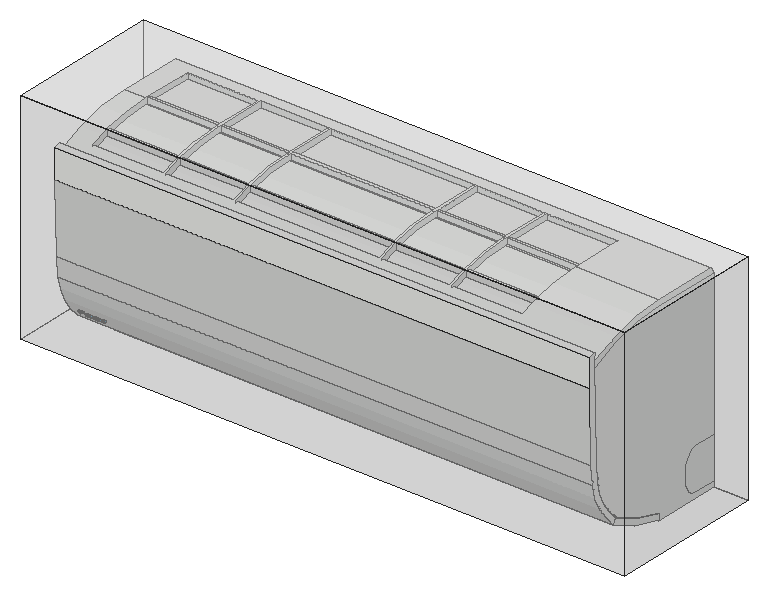
Revit family "outputfile", category 機械設備, Revit 2024
Family settings
  丸型コネクタ寸法 = 半径を使用
  パーツ タイプ = 標準
  OmniClass 番号 = 23.75.10.24.21.27.27
  OmniClass タイトル = Split System Air Conditioning Units
  作業面ベース = いいえ
  常に垂直 = はい
  ロード時にボイドで切り取り = いいえ
  注釈の向きを維持 = いいえ
  共有 = いいえ
  部屋計算ポイント = いいえ
Parameters (values of type "CTKM35RVMV")
  Description = ""
  書き出し IFC クラス(タイプ) = "IfcUnitaryEquipmentType"
  定義済み IFC タイプ(タイプ) = "AIRCONDITIONINGUNIT"
  Cost = 0
  Type Comments = ""
  Keynote = ""
  Type Image = (empty or 0)
  Assembly Code = ""
  w_wall hole = if(Width = 770.0 mm, 48.0 mm, 60.0 mm)  # 48.0 mm
  製造元 = "Daikin"
  モデル = "CTKM35RVMV"
  switch_frequency = yes
  r_Liquid Pipe Size = Liquid Pipe Size / 2  # 3.2 mm
  r_Gas Pipe Size = Gas Pipe Size / 2  # 4.75 mm
  r_Drain Pipe Size = Drain Pipe Size / 2  # 8.0 mm
  lw_powersupply [instance] = if(Width = 770.0 mm, if(or(Rear Right Connection_refrigerant, Bottom Right Connection_refrigerant), 25.0 mm, if(or(Rear Left Connection_refrigerant, Bottom Left Connection_refrigerant), 745.0 mm, 400.0 mm)), if(Width = 990.0 mm, if(or(Rear Right Connection_refrigerant, Bottom Right Connection_refrigerant), 40.0 mm, if(or(Rear Left Connection_refrigerant, Bottom Left Connection_refrigerant), 920.0 mm, 400.0 mm)), if(or(Rear Right Connection_refrigerant, Bottom Right Connection_refrigerant), 40.0 mm, if(or(Rear Left Connection_refrigerant, Bottom Left Connection_refrigerant), 920.0 mm, 400.0 mm))))  # 400.0 mm
  lw_liquidpipe [instance] = if(Width = 770.0 mm, if(or(Rear Right Connection_refrigerant, Bottom Right Connection_refrigerant), 0.0 mm, if(or(Rear Left Connection_refrigerant, Bottom Left Connection_refrigerant), 664.0 mm, 385.0 mm)), if(Width = 990.0 mm, if(or(Rear Right Connection_refrigerant, Bottom Right Connection_refrigerant), 0.0 mm, if(or(Rear Left Connection_refrigerant, Bottom Left Connection_refrigerant), 664.0 mm + (990.0 mm - 770.0 mm), 475.0 mm)), if(or(Rear Right Connection_refrigerant, Bottom Right Connection_refrigerant), 0.0 mm, if(or(Rear Left Connection_refrigerant, Bottom Left Connection_refrigerant), 664.0 mm + (990.0 mm - 770.0 mm), 475.0 mm))))  # 385.0 mm
  lw_gaspipe [instance] = if(Width = 770.0 mm, if(or(Rear Right Connection_refrigerant, Bottom Right Connection_refrigerant), 0.0 mm, if(or(Rear Left Connection_refrigerant, Bottom Left Connection_refrigerant), 675.0 mm, if(Gas Pipe Size = 12.7 mm, 345.0 mm, 335.0 mm))), if(Width = 990.0 mm, if(or(Rear Right Connection_refrigerant, Bottom Right Connection_refrigerant), 10.0 mm, if(or(Rear Left Connection_refrigerant, Bottom Left Connection_refrigerant), 890.0 mm, if(Gas Pipe Size = 15.9 mm, 410.0 mm, 400.0 mm))), if(or(Rear Right Connection_refrigerant, Bottom Right Connection_refrigerant), 10.0 mm, if(or(Rear Left Connection_refrigerant, Bottom Left Connection_refrigerant), 890.0 mm, if(Gas Pipe Size = 15.9 mm, 410.0 mm, 400.0 mm)))))  # 335.0 mm
  lw_drainpipe [instance] = if(Width = 770.0 mm, if(or(Rear Right Connection_refrigerant, Bottom Right Connection_refrigerant), 0.0 mm, if(or(Rear Left Connection_refrigerant, Bottom Left Connection_refrigerant), 770.0 mm - 48.0 mm - 48.0 mm, 440.0 mm)), if(Width = 990.0 mm, if(or(Rear Right Connection_refrigerant, Bottom Right Connection_refrigerant), 0.0 mm, if(or(Rear Left Connection_refrigerant, Bottom Left Connection_refrigerant), 675.0 mm + (990.0 mm - 770.0 mm), 435.0 mm)), if(or(Rear Right Connection_refrigerant, Bottom Right Connection_refrigerant), 0.0 mm, if(or(Rear Left Connection_refrigerant, Bottom Left Connection_refrigerant), 675.0 mm + (990.0 mm - 770.0 mm), 435.0 mm))))  # 440.0 mm
  l_powersupply_length [instance] = if(Width = 770.0 mm, if(Right Connection_refrigerant, 400.0 mm, if(Left Connection_refrigerant, 770.0 mm - 400.0 mm, if(or(Rear Left Connection_refrigerant, Rear Right Connection_refrigerant), 15.0 mm, 50.0 mm))), if(Width = 990.0 mm, if(Right Connection_refrigerant, 400.0 mm, if(Left Connection_refrigerant, 990.0 mm - 400.0 mm, if(or(Rear Left Connection_refrigerant, Rear Right Connection_refrigerant), 15.0 mm, 50.0 mm))), if(Right Connection_refrigerant, 400.0 mm, if(Left Connection_refrigerant, 990.0 mm - 400.0 mm, if(or(Rear Left Connection_refrigerant, Rear Right Connection_refrigerant), 15.0 mm, 50.0 mm)))))  # 400.0 mm
  l_liquidpipe_length [instance] = if(Width = 770.0 mm, if(Right Connection_refrigerant, 433.0 mm, if(Left Connection_refrigerant, 337.0 mm, if(or(Rear Left Connection_refrigerant, Rear Right Connection_refrigerant), 30.0 mm, 40.0 mm))), if(Width = 990.0 mm, if(Right Connection_refrigerant, 535.0 mm, if(Left Connection_refrigerant, 455.0 mm, if(or(Rear Left Connection_refrigerant, Rear Right Connection_refrigerant), 30.0 mm, 40.0 mm))), if(Right Connection_refrigerant, 535.0 mm, if(Left Connection_refrigerant, 455.0 mm, if(or(Rear Left Connection_refrigerant, Rear Right Connection_refrigerant), 30.0 mm, 40.0 mm)))))  # 433.0 mm
  l_gaspipe_length [instance] = if(Width = 770.0 mm, if(Right Connection_refrigerant, if(Gas Pipe Size = 12.7 mm, 393.0 mm, 383.0 mm), if(Left Connection_refrigerant, if(Gas Pipe Size = 12.7 mm, 770.0 mm - 393.0 mm, 770.0 mm - 383.0 mm), if(or(Rear Left Connection_refrigerant, Rear Right Connection_refrigerant), 40.0 mm, 50.0 mm))), if(Width = 990.0 mm, if(Right Connection_refrigerant, if(Gas Pipe Size = 15.9 mm, 470.0 mm, 460.0 mm), if(Left Connection_refrigerant, if(Gas Pipe Size = 15.9 mm, 990.0 mm - 470.0 mm, 990.0 mm - 460.0 mm), if(or(Rear Left Connection_refrigerant, Rear Right Connection_refrigerant), 40.0 mm, 50.0 mm))), if(Right Connection_refrigerant, if(Gas Pipe Size = 15.9 mm, 470.0 mm, 460.0 mm), if(Left Connection_refrigerant, if(Gas Pipe Size = 15.9 mm, 990.0 mm - 470.0 mm, 990.0 mm - 460.0 mm), if(or(Rear Left Connection_refrigerant, Rear Right Connection_refrigerant), 40.0 mm, 50.0 mm)))))  # 383.0 mm
  l_drainpipe_length [instance] = if(Width = 770.0 mm, if(Right Connection_refrigerant, 488.0 mm, if(Left Connection_refrigerant, 282.0 mm, if(or(Rear Left Connection_refrigerant, Rear Right Connection_refrigerant), 15.0 mm, 20.0 mm))), if(Width = 990.0 mm, if(Right Connection_refrigerant, 495.0 mm, if(Left Connection_refrigerant, 495.0 mm, if(or(Rear Left Connection_refrigerant, Rear Right Connection_refrigerant), 15.0 mm, 20.0 mm))), if(Right Connection_refrigerant, 495.0 mm, if(Left Connection_refrigerant, 495.0 mm, if(or(Rear Left Connection_refrigerant, Rear Right Connection_refrigerant), 15.0 mm, 20.0 mm)))))  # 488.0 mm
  h*** = 0.0 mm  # constant formula
  connector_voltage = Voltage_50Hz  # 230 V
  connector_powerinput = [Power Input (Cooling)]  # 0.000 kW
  connector_phase = Phase_50Hz  # 1
  angle_vertical [instance] = if(or(Bottom Left Connection_refrigerant, Bottom Right Connection_refrigerant), 0.00°, 90.00°)  # 90.00°
  angle_horizontal [instance] = if(Right Connection_refrigerant, 90.00°, if(Left Connection_refrigerant, -90.00°, if(or(Rear Left Connection_refrigerant, Rear Right Connection_refrigerant), 180.00°, 0.00°)))  # 90.00°
  Width = 770.0 mm
  Voltage_comment_50Hz = "220 - 240"
  Voltage_50Hz = 230 V
  Version = "ver.1.0"
  Unit Type = "Wall Mounted"
  Unit Mass Weight = 8.00 kg
  Unit Designation [instance] = ""
  Uniclass2015Version = "Products v1.30"
  Uniclass2015Title = "Split coil room air conditioning units"
  Uniclass2015Code = "Pr_70_65_03_86"
  URL = ""
  Total Cooling Capacity [instance] = 0.000 kW
  Sound Pressure Level_M speed (dBA) = 34
  Sound Pressure Level_L speed (dBA) = 26
  Sound Pressure Level_H speed (dBA) = 42
  Sound Power Level_H speed (dB) = 0
  Series = "Multi Split_Fan Coil Unit"
  Sensible Cooling Capacity [instance] = 0.000 kW
  Refrigerant Type = "R32"
  Power Input (Cooling) = 0.000 kW
  Phase_50Hz = 1
  Option Accessory 3 [instance] = ""
  Option Accessory 2 [instance] = ""
  Option Accessory 1 [instance] = ""
  Nominal Cooling Capacity = 3.500 kW
  Minimum Circuit Amps_50Hz = 0.0 A
  Minimum Airflow = 336.00 m³/h
  Median Airflow = 516.00 m³/h
  Maximum Fuse Amps_50Hz = 0.0 A
  Maximum Airflow = 702.00 m³/h
  Material_Casing = DAIKIN_White_Casing_indoorunit
  Load Classification = HVAC
  Liquid Pipe Size = 6.4 mm
  Link_Nested Family [instance] = ""
  IfcVersion = ""
  IfcExportType = "AIRCONDITIONINGUNIT"
  IfcExportAs = "IfcUnitaryEquipmentType"
  Height = 285.0 mm
  Heat Exchanger Type = "Cross Fin Coil"
  Gas Pipe Size = 9.5 mm
  Frequency_50Hz = 50 Hz
  Fan Type = "Cross Flow Fan"
  Fan Drive = "Direct Drive"
  FCU Tag No. [instance] = ""
  Drain Pipe Size = 16.0 mm
  Design Supply Airflow [instance] = 0.00 m³/h
  Depth = 223.0 mm
  既定の高さ = 0.0 mm
  Cooling Entering Wet Bulb Temperature [instance] = 0.00 °C
  Cooling Entering Dry Bulb Temperature [instance] = 0.00 °C
  Cooling Ambient Wet Bulb Temperature [instance] = 0.00 °C
  Cooling Ambient Dry Bulb Temperature [instance] = 0.00 °C
  Clearance visibility [instance] = yes
  Clearance Top = 30.0 mm
  Clearance Right = 50.0 mm
  Clearance Rear = 0.0 mm
  Clearance Left = 50.0 mm
  Clearance Front = 0.0 mm
  Clearance Bottom = 0.0 mm
  Bottom Right Connection_refrigerant [instance] = no
  Bottom Left Connection_refrigerant [instance] = no
  Rear Right Connection_refrigerant [instance] = no
  Rear Left Connection_refrigerant [instance] = no
  Right Connection_refrigerant [instance] = yes
  Left Connection_refrigerant [instance] = no
Reference planes
  plane 1 "Back": y = 0
  plane 2: z = 0
  plane 3 "Center (Left/Right)": x = 0
  plane 4 "Center (Front/Back)": y = -111.5
  plane 5 "Front": y = -223
  plane 6 "Left": x = -385
  plane 7 "Right": x = 385
  plane 8 "Top": z = 0
  plane 9 "Bottom": z = -285
  plane 10: x = -435
  plane 11: x = 435
  plane 12: y = 0
  plane 13: y = -223
  plane 14: z = 30
  plane 15: z = -285
  plane 16 "lw_Piping and Wiring intake": x = 337
  plane 17 "lw_gaspipe": x = 2
  plane 18 "lw_liquidpipe": x = -48
  plane 19 "lw_drainpipe": x = -103
  plane 20 "lh_drainpipe": z = -265
  plane 21 "lh_liquidpipe": z = -245
  plane 22 "lh_gaspipe": z = -235
  plane 23 "ld_drainpipe": y = -15
  plane 24 "ld_liquidpipe": y = -30
  plane 25 "ld_gaspipe": y = -40
  plane 26 "lw_powersupply": x = -15
Dimensions and locks
  equal spacing: plane 6 "Left", plane 3 "Center (Left/Right)", plane 7 "Right"
  "Width": plane 6 "Left" to plane 7 "Right"
  equal spacing: plane 5 "Front", plane 4 "Center (Front/Back)", plane 1 "Back"
  "Depth": plane 5 "Front" to plane 1 "Back"
  "Height": plane 8 "Top" to plane 9 "Bottom"
  "Clearance Rear": plane 12 to plane 1 "Back"
  "Clearance Front": plane 13 to plane 5 "Front"
  "Clearance Top": plane 14 to plane 8 "Top"
  "Clearance Bottom": plane 9 "Bottom" to plane 15
  "w_wall hole": plane 16 "lw_Piping and Wiring intake" to plane 7 "Right"
  "lw_gaspipe": plane 17 "lw_gaspipe" to plane 16 "lw_Piping and Wiring intake"
  "lw_liquidpipe": plane 18 "lw_liquidpipe" to plane 16 "lw_Piping and Wiring intake"
  "lw_drainpipe": plane 19 "lw_drainpipe" to plane 16 "lw_Piping and Wiring intake"
  locked: plane 20 "lh_drainpipe" to plane 9 "Bottom" at 20
  locked: plane 21 "lh_liquidpipe" to plane 9 "Bottom" at 40
  locked: plane 22 "lh_gaspipe" to plane 9 "Bottom" at 50
  locked: plane 23 "ld_drainpipe" to plane 1 "Back" at 15
  locked: plane 1 "Back" to plane 24 "ld_liquidpipe" at 30
  locked: plane 1 "Back" to plane 25 "ld_gaspipe" at 40
  "lw_powersupply": plane 26 "lw_powersupply" to plane 7 "Right"
  "Clearance Left": plane 10 to plane 6 "Left"
  "Clearance Right": plane 7 "Right" to plane 11
  aligned and locked: level to plane 2
  aligned and locked: plane 12 to nested 1
  aligned and locked: nested 1 to plane 13
  aligned and locked: plane 10 to nested 1
  aligned and locked: plane 11 to nested 1
  aligned and locked: plane 15 to nested 1
  aligned and locked: plane 14 to nested 1
  aligned and locked: plane 17 "lw_gaspipe" to nested 2
  aligned and locked: nested 2 to plane 25 "ld_gaspipe"
  aligned and locked: plane 18 "lw_liquidpipe" to nested 3
  aligned and locked: nested 3 to plane 24 "ld_liquidpipe"
  aligned and locked: plane 19 "lw_drainpipe" to nested 4
  aligned and locked: nested 4 to plane 23 "ld_drainpipe"
  aligned and locked: nested 5 to plane 23 "ld_drainpipe"
  aligned and locked: plane 26 "lw_powersupply" to nested 5
  aligned and locked: level to plane 8 "Top"
  aligned and locked: plane 3 "Center (Left/Right)" to nested 6
  aligned and locked: plane 1 "Back" to nested 6
  aligned and locked: plane 8 "Top" to nested 6
Nested families
  nested 1: "daikin_clearancespace" at (0, -111.5, -127.381), show <- "Clearance visibility", visible <- "Clearance visibility", Link_Nested Family <- "Link_Nested Family", type "daikin_clearancespace"
    with width 870.0 mm, show yes, height 315.0 mm, depth 223.0 mm, Link_Nested Family ""
  nested 2: "daikin_connector_rotate3" at (2, -40, -235), angle_vertical <- "angle_vertical", angle_horizontal <- "angle_horizontal", length <- "l_gaspipe_length", radius <- "r_Gas Pipe Size", type "daikin_connector_rotate3"
    with show no, radius 4.75 mm, length 383.0 mm, angle_vertical 90.00°, angle_horizontal 90.00°
  nested 3: "daikin_connector_rotate3" at (-48, -30, -245), angle_vertical <- "angle_vertical", angle_horizontal <- "angle_horizontal", radius <- "r_Liquid Pipe Size", length <- "l_liquidpipe_length", type "daikin_connector_rotate3"
    with show no, radius 3.2 mm, length 433.0 mm, angle_vertical 90.00°, angle_horizontal 90.00°
  nested 4: "daikin_connector_rotate3" at (-103, -15, -265), angle_vertical <- "angle_vertical", angle_horizontal <- "angle_horizontal", length <- "l_drainpipe_length", radius <- "r_Drain Pipe Size", type "daikin_connector_rotate3"
    with show no, radius 8.0 mm, length 488.0 mm, angle_vertical 90.00°, angle_horizontal 90.00°
  nested 5: "daikin_connector_rotate3" at (-15, -15, -235), angle_vertical <- "angle_vertical", angle_horizontal <- "angle_horizontal", length <- "l_powersupply_length", type "daikin_connector_rotate3"
    with show no, radius 10.0 mm, length 400.0 mm, angle_vertical 90.00°, angle_horizontal 90.00°
  nested 6: "DAIKIN_indoorunit_CTKM-RVMV" at (-31, 0, 0), type "CTKM-RVMV"
Connectors
  piping at (385, -40, -235), diameter 9.5, driven by "r_Gas Pipe Size"
    settings: on nested 2, index 1, connector inside diameter 609.6 mm, connector length 0.0 mm, flow factor 0, pipe flow 0.00 m³/h, pressure drop 0.0 Pa, fitting loss kfactor 0, connector angle 0.00°, fixture units 0, engagement length 0.0 mm, angle of deflection 0.00°, flow configuration 1, flow direction 2, fitting loss method 0, system type 29, joint type 0, gender type 0, connector reference index -1, connector utility 0, adjustable connector no, is connector primary yes, connector description "Refrigerant Gas Piping"
  piping at (385, -30, -245), diameter 6.4, driven by "r_Liquid Pipe Size"
    settings: on nested 3, index 2, connector inside diameter 609.6 mm, connector length 0.0 mm, flow factor 0, pipe flow 0.00 m³/h, pressure drop 0.0 Pa, fitting loss kfactor 0, connector angle 0.00°, fixture units 0, engagement length 0.0 mm, angle of deflection 0.00°, flow configuration 1, flow direction 1, fitting loss method 0, system type 29, joint type 0, gender type 0, connector reference index -1, connector utility 0, adjustable connector no, is connector primary no, connector description "Refrigerant Liquid Piping"
  piping at (385, -15, -265), diameter 16, driven by "r_Drain Pipe Size"
    settings: on nested 4, index 3, connector inside diameter 609.6 mm, connector length 0.0 mm, flow factor 0, pipe flow 0.00 m³/h, pressure drop 0.0 Pa, fitting loss kfactor 0, connector angle 0.00°, fixture units 0, engagement length 0.0 mm, angle of deflection 0.00°, flow configuration 1, flow direction 2, fitting loss method 4, system type 16, joint type 0, gender type 0, connector reference index -1, connector utility 0, adjustable connector no, is connector primary no, connector description "Condensate Drain Piping"
  electrical at (385, -15, -235), driven by "Load Classification", driven by "connector_phase", driven by "connector_powerinput", driven by "connector_voltage"
    settings: on nested 5, index 4, voltage 230 V, apparent load 0 VA, apparent load phase1 0 VA, apparent load phase2 0 VA, apparent load phase3 0 VA, power factor 1, load classification "HVAC", number of poles 1, system type 30, power factor state 1, is connector primary yes, connector utility no, sub classification motor no, connector description "Power Supply"
Definition of nested family "daikin_clearancespace"
  Parameters (values of type "daikin_clearancespace")
    Description = "daikin_clearancespace"
    width [instance] = 1823.963 mm
    show [instance] = yes
    material = none
    height [instance] = 1359.762 mm
    depth [instance] = 880.0 mm
    Default Elevation = 0.0 mm
    Link_Nested Family [instance] = ""
  Reference planes
    plane 1 "Center (Front/Back)": y = 0
    plane 2 "Center (Elevation)": z = -0.119
    plane 3 "Center (Left/Right)": x = 0
    plane 4: y = 440
    plane 5: y = -440
    plane 6 "Right": x = 911.982
    plane 7 "Left": x = -911.982
    plane 8 "Top": z = 679.762
    plane 9 "Bottom": z = -680
  Forms (mm)
    Extrusion 1, solid, material <- "material", visible <- "show"
      sketch origin (0, 0, 0) x (1, 0, 0) y (0, 1, 0)
        loop
          line (-911.982, 440) -> (-911.982, -440) -> (911.982, -440) -> (911.982, 440) -> (-911.982, 440)
      from -680 to 679.762
  Lines and regions (mm)
    symbolic lines, visible <- "show"
      curve 1: line (911.982, 440, 0) -> (-911.982, 440, 0)
      curve 2: line (-911.982, 440, 0) -> (-911.982, -440, 0)
      curve 3: line (-911.982, -440, 0) -> (911.982, -440, 0)
      curve 4: line (911.982, -440, 0) -> (911.982, 440, 0)
      curve 5: line (911.982, 0, 679.762) -> (-911.982, 0, 679.762)
      curve 6: line (911.982, 0, -680) -> (911.982, 0, 679.762)
      curve 7: line (-911.982, 0, -680) -> (911.982, 0, -680)
      curve 8: line (-911.982, 0, 679.762) -> (-911.982, 0, -680)
      curve 9: line (0, 440, 679.762) -> (0, -440, 679.762)
      curve 10: line (0, -440, 679.762) -> (0, -440, -680)
      curve 11: line (0, 440, -680) -> (0, 440, 679.762)
      curve 12: line (0, -440, -680) -> (0, 440, -680)
  Dimensions and locks
    "width": plane 7 "Left" to plane 6 "Right"
    "depth": plane 4 to plane 5
    "height": plane 8 "Top" to plane 9 "Bottom"
    equal spacing: plane 7 "Left", plane 3 "Center (Left/Right)", plane 6 "Right"
    equal spacing: plane 4, plane 1 "Center (Front/Back)", plane 5
    equal spacing: plane 8 "Top", plane 2 "Center (Elevation)", plane 9 "Bottom"
    aligned and locked: level to plane 2 "Center (Elevation)"
    aligned and locked: Extrusion 1 sketch curve to plane 4
    aligned and locked: plane 7 "Left" to Extrusion 1 sketch curve
    aligned and locked: Extrusion 1 sketch curve to plane 5
    aligned and locked: Extrusion 1 sketch curve to plane 6 "Right"
    aligned and locked: plane 8 "Top" to Extrusion 1
    aligned and locked: curve 1 to Extrusion 1
    aligned and locked: curve 2 to Extrusion 1
    aligned and locked: curve 3 to Extrusion 1
    aligned and locked: curve 4 to Extrusion 1
    aligned and locked: curve 5 to Extrusion 1
    aligned and locked: curve 6 to Extrusion 1
    aligned and locked: curve 7 to Extrusion 1
    aligned and locked: curve 8 to Extrusion 1
    aligned and locked: curve 9 to Extrusion 1
    aligned and locked: curve 10 to Extrusion 1
    aligned and locked: curve 11 to Extrusion 1
    aligned and locked: curve 12 to Extrusion 1
    aligned and locked: Extrusion 1 to plane 9 "Bottom"
Definition of nested family "DAIKIN_indoorunit_CTKM-RVMV"
  Parameters (values of type "CTKM-RVMV")
    switch_unit1_50-71 = Width = 990.0 mm  # no
    switch_unit1_25-35 = Width = 770.0 mm  # yes
    Width = 770.0 mm
    WALL HOLE-R = if(Width = 770.0 mm, 48.0 mm, 60.0 mm)  # 48.0 mm
    WALL HOLE Size = if(Width = 770.0 mm, 65.0 mm, 80.0 mm)  # 65.0 mm
    Material_Casing = none
    Height = if(Width = 770.0 mm, 285.0 mm, 295.0 mm)  # 285.0 mm
    Default Elevation = 0.0 mm
  Reference planes
    plane 1 "Center (Front/Back)": y = 0
    plane 2 "reference_level": z = 0
    plane 3 "Center (Left/Right)": x = 31
    plane 4: x = -354
    plane 5: x = 416
    plane 6: z = -285
  Forms (mm)
    Extrusion 1, solid, material <- "Material_Casing", visible <- "switch_unit1_25-35"
      sketch origin (29, 0, 0) x (0, 1, 0) y (0, 0, 1)
        loop
          line (-5, 0) -> (-98, 0)
          arc (-98, 0) -> (-157.611, -7.211) -> (-213.783, -28.427) r 250
          arc (-213.783, -28.427) -> (-213.842, -32.972) -> (-213.892, -37.516) r 2191
          arc (-213.892, -37.516) -> (-157.832, -15.495) -> (-98.07, -8) r 242
          line (-98.07, -8) -> (0, -8) -> (-5, 0)
      from -383 to 387
    Extrusion 2, solid, material <- "Material_Casing", visible <- "switch_unit1_25-35"
      sketch origin (416, 1296.25, 1200) x (0, 1, 0) y (0, 0, 1)
        loop
          line (-1472.998, -1446.91) -> (-1476.998, -1453.839)
          arc (-1476.998, -1453.839) -> (-1437.481, -1472.422) -> (-1395.25, -1483.538) r 240
          line (-1395.25, -1483.538) -> (-1395.25, -1475.422)
          arc (-1395.25, -1475.422) -> (-1435.407, -1464.663) -> (-1472.998, -1446.91) r 232
      from 0 to -47.5
    Extrusion 3, solid, material <- "Material_Casing", visible <- "switch_unit1_25-35"
      sketch origin (29, 0, 0) x (0, 1, 0) y (0, 0, 1)
        loop
          arc (-223, -60.455) -> (-222.414, -110.646) -> (-220.656, -160.81) r 2149.92
          arc (-220.656, -160.81) -> (-219.65, -174.299) -> (-217.853, -187.706) r 229.911
          arc (-217.853, -187.706) -> (-205.371, -223.594) -> (-181.517, -253.17) r 111
          line (-181.517, -253.17) -> (-177.429, -246.093)
          arc (-177.429, -246.093) -> (-198.77, -218.989) -> (-209.965, -186.36) r 103
          arc (-209.965, -186.36) -> (-211.681, -173.586) -> (-212.651, -160.735) r 221.844
          arc (-212.651, -160.735) -> (-214.739, -93.233) -> (-214.74, -25.699) r 2186.828
          arc (-214.74, -25.699) -> (-214.671, -21.467) -> (-214.594, -17.235) r 2192
          line (-214.594, -17.235) -> (-223, -19.961) -> (-223, -60.455)
      from -383 to 387
    Extrusion 4, solid, material <- "Material_Casing", visible <- "switch_unit1_25-35"
      sketch origin (29, 0, -20) x (0, 1, 0) y (0, 0, 1)
        loop
          line (0, -265) -> (0, 12) -> (-98.07, 12)
          arc (-98.07, 12) -> (-157.832, 4.505) -> (-213.892, -17.516) r 242
          arc (-213.892, -17.516) -> (-213.638, -79.114) -> (-211.653, -140.681) r 2191
          arc (-211.653, -140.681) -> (-210.685, -153.501) -> (-208.973, -166.243) r 221
          arc (-208.973, -166.243) -> (-197.471, -199.282) -> (-175.482, -226.491) r 102
          arc (-175.482, -226.491) -> (-138.004, -244.019) -> (-98, -254.579) r 231
          line (-98, -254.579) -> (-98, -265) -> (0, -265)
      from -383 to 387
    Extrusion 5, solid, material <- "Material_Casing", visible <- "switch_unit1_25-35"
      sketch origin (-354, 1296.25, 1200) x (0, 1, 0) y (0, 0, 1)
        loop
          line (-1472.998, -1446.91) -> (-1476.998, -1453.839)
          arc (-1476.998, -1453.839) -> (-1437.481, -1472.422) -> (-1395.25, -1483.538) r 240
          line (-1395.25, -1483.538) -> (-1395.25, -1475.422)
          arc (-1395.25, -1475.422) -> (-1435.407, -1464.663) -> (-1472.998, -1446.91) r 232
      from 47 to 0
    Extrusion 6, solid, material <- "Material_Casing", visible <- "switch_unit1_25-35"
      sketch origin (416, 1296.25, 1200) x (0, 1, 0) y (0, 0, 1)
        loop
          line (-1472.998, -1446.91) -> (-1476.998, -1453.839)
          arc (-1476.998, -1453.839) -> (-1443.437, -1470.168) -> (-1407.75, -1481.097) r 240
          line (-1407.75, -1481.097) -> (-1407.75, -1472.894)
          arc (-1407.75, -1472.894) -> (-1441.363, -1462.385) -> (-1472.998, -1446.91) r 232
      from -116.993 to -48.493
    Extrusion 7, solid, material <- "Material_Casing", visible <- "switch_unit1_25-35"
      sketch origin (416, 1296.25, 1200) x (0, 1, 0) y (0, 0, 1)
        loop
          line (-1472.998, -1446.91) -> (-1476.998, -1453.839)
          arc (-1476.998, -1453.839) -> (-1443.437, -1470.168) -> (-1407.75, -1481.097) r 240
          line (-1407.75, -1481.097) -> (-1407.75, -1472.894)
          arc (-1407.75, -1472.894) -> (-1441.363, -1462.385) -> (-1472.998, -1446.91) r 232
      from -717 to -121.993
    Extrusion 8, void
      sketch origin (31, 0, -235) x (1, 0, 0) y (0, 1, 0)
        loop
          line (-252.674, -22.316) -> (-354.941, -22.316) -> (-354.941, -91.341) -> (-252.674, -91.341) -> (-252.674, -22.316)
        loop
          line (-249.341, -91.341) -> (-151.574, -91.341) -> (-151.574, -22.316) -> (-249.341, -22.316) -> (-249.341, -91.341)
        loop
          line (58.309, -22.316) -> (-148.309, -22.316) -> (-148.309, -91.341) -> (58.309, -91.341) -> (58.309, -22.316)
        loop
          line (61.689, -22.316) -> (61.689, -91.341) -> (159.457, -91.341) -> (159.457, -22.316) -> (61.689, -22.316)
        loop
          line (162.789, -22.316) -> (162.789, -91.341) -> (265.057, -91.341) -> (265.057, -22.316) -> (162.789, -22.316)
        loop
          line (-354.941, -94.659) -> (-354.941, -165.259) -> (-252.674, -165.259) -> (-252.674, -94.659) -> (-354.941, -94.659)
        loop
          line (-249.341, -94.659) -> (-249.341, -165.259) -> (-151.574, -165.259) -> (-151.574, -94.659) -> (-249.341, -94.659)
        loop
          line (-148.309, -94.659) -> (-148.309, -165.259) -> (58.309, -165.259) -> (58.309, -94.659) -> (-148.309, -94.659)
        loop
          line (61.689, -94.659) -> (61.689, -165.259) -> (159.457, -165.259) -> (159.457, -94.659) -> (61.689, -94.659)
        loop
          line (162.789, -94.659) -> (162.789, -165.259) -> (265.057, -165.259) -> (265.057, -94.659) -> (162.789, -94.659)
        loop
          line (-354.941, -167.382) -> (-354.941, -192.681) -> (-252.674, -192.681) -> (-252.674, -167.382) -> (-354.941, -167.382)
        loop
          line (-249.341, -167.382) -> (-249.341, -192.681) -> (-151.574, -192.681) -> (-151.574, -167.382) -> (-249.341, -167.382)
        loop
          line (-148.309, -167.382) -> (-148.309, -192.681) -> (58.309, -192.681) -> (58.309, -167.382) -> (-148.309, -167.382)
        loop
          line (159.457, -167.382) -> (61.689, -167.382) -> (61.689, -192.681) -> (159.457, -192.681) -> (159.457, -167.382)
        loop
          line (265.057, -167.382) -> (162.789, -167.382) -> (162.789, -192.681) -> (265.057, -192.681) -> (265.057, -167.382)
      from 201.638 to 250
    Extrusion 9, solid, material <- "Material_Casing"
      sketch origin (31, 0, 0) x (1, 0, 0) y (0, 0, 1)
        loop
          circle (337, -240.5) r 32.5
        loop
          circle (-337, -240.5) r 32.5
      from 0 to 5
    Extrusion 10, solid, material <- "Material_Casing", visible <- "switch_unit1_25-35"
      sketch origin (416, 1296.25, 1200) x (0, -1, 0) y (0, 0, 1)
        loop
          line (1326.25, -1417) -> (1296.25, -1417) -> (1296.25, -1477) -> (1326.25, -1477)
          arc (1326.25, -1477) -> (1340.393, -1471.142) -> (1346.25, -1457) r 20
          line (1346.25, -1457) -> (1346.25, -1437)
          arc (1346.25, -1437) -> (1340.393, -1422.858) -> (1326.25, -1417) r 20
      from 0 to 5
    Extrusion 11, solid, material <- "Material_Casing", visible <- "switch_unit1_25-35"
      sketch origin (-354, 1296.25, 1200) x (0, 1, 0) y (0, 0, 1)
        loop
          line (-1296.25, -1417) -> (-1326.25, -1417)
          arc (-1326.25, -1417) -> (-1340.393, -1422.858) -> (-1346.25, -1437) r 20
          line (-1346.25, -1437) -> (-1346.25, -1457)
          arc (-1346.25, -1457) -> (-1340.393, -1471.142) -> (-1326.25, -1477) r 20
          line (-1326.25, -1477) -> (-1296.25, -1477) -> (-1296.25, -1417)
      from 0 to 5
    Extrusion 12, solid, material <- "Material_Casing", visible <- "switch_unit1_25-35"
      sketch origin (31, 0, -285) x (-1, 0, 0) y (0, -1, 0)
        loop
          line (-314, 0) -> (-314, 30)
          arc (-314, 30) -> (-319.858, 44.142) -> (-334, 50) r 20
          line (-334, 50) -> (-354, 50)
          arc (-354, 50) -> (-368.142, 44.142) -> (-374, 30) r 20
          line (-374, 30) -> (-374, 0) -> (-314, 0)
        loop
          line (374, 0) -> (374, 30)
          arc (374, 30) -> (368.142, 44.142) -> (354, 50) r 20
          line (354, 50) -> (334, 50)
          arc (334, 50) -> (319.858, 44.142) -> (314, 30) r 20
          line (314, 30) -> (314, 0) -> (374, 0)
      from 0 to 5
    Extrusion 13, solid, material <- "Material_Casing", visible <- "switch_unit1_50-71"
      sketch origin (31, 0, 0) x (0, 1, 0) y (0, 0, 1)
        loop
          line (-5, 0) -> (-138, 0)
          arc (-138, 0) -> (-197.611, -7.211) -> (-253.783, -28.427) r 250
          arc (-253.783, -28.427) -> (-253.838, -32.687) -> (-253.886, -36.946) r 2191
          arc (-253.886, -36.946) -> (-197.73, -15.346) -> (-138.014, -8) r 246.393
          line (-138.014, -8) -> (0, -8) -> (-5, 0)
      from -495 to 495
    Extrusion 14, solid, material <- "Material_Casing", visible <- "switch_unit1_50-71"
      sketch origin (418, 1296.25, 1200) x (0, 1, 0) y (0, 0, 1)
        loop
          arc (-1515.208, -1454.149) -> (-1506.856, -1460.599) -> (-1497.925, -1466.219) r 110
          arc (-1497.925, -1466.219) -> (-1445.718, -1487.493) -> (-1389.844, -1494.995) r 223
          line (-1389.844, -1494.995) -> (-1389.844, -1486.086) -> (-1404.386, -1486.086)
          arc (-1404.386, -1486.086) -> (-1449.542, -1477.46) -> (-1491.818, -1459.402) r 214.289
          arc (-1491.818, -1459.402) -> (-1501.056, -1453.541) -> (-1509.606, -1446.715) r 101
          line (-1509.606, -1446.715) -> (-1515.208, -1454.149)
      from 108 to 57.5
    Extrusion 15, solid, material <- "Material_Casing", visible <- "switch_unit1_50-71"
      sketch origin (31, 0, 0) x (0, 1, 0) y (0, 0, 1)
        loop
          line (-263, -19.962) -> (-263, -61.6)
          arc (-263, -61.6) -> (-262.414, -110.219) -> (-260.656, -158.81) r 2017.341
          arc (-260.656, -158.81) -> (-255.648, -191.935) -> (-244.041, -223.362) r 164.725
          arc (-244.041, -223.362) -> (-233.569, -239.793) -> (-219.717, -253.495) r 87.379
          line (-219.717, -253.495) -> (-214.706, -246.846)
          arc (-214.706, -246.846) -> (-229.564, -230.029) -> (-240.385, -210.371) r 102
          arc (-240.385, -210.371) -> (-249.049, -182.962) -> (-252.848, -154.467) r 165.789
          arc (-252.848, -154.467) -> (-254.771, -90.102) -> (-254.74, -25.708) r 2122.533
          arc (-254.74, -25.708) -> (-254.671, -21.469) -> (-254.594, -17.23) r 2192
          line (-254.594, -17.23) -> (-263, -19.962)
      from -495 to 495
    Extrusion 16, void
      sketch origin (33, 0, 0) x (1, 0, 0) y (0, 1, 0)
        loop
          line (-466.909, -22.316) -> (-466.909, -111.341) -> (-366.303, -111.341) -> (-366.303, -22.316) -> (-466.909, -22.316)
        loop
          line (-362.71, -22.316) -> (-362.71, -111.341) -> (-262.103, -111.341) -> (-262.103, -22.316) -> (-362.71, -22.316)
        loop
          line (-258.51, -22.316) -> (-258.51, -111.341) -> (-157.904, -111.341) -> (-157.904, -22.316) -> (-258.51, -22.316)
        loop
          line (-154.31, -22.316) -> (-154.31, -111.341) -> (-53.704, -111.341) -> (-53.704, -22.316) -> (-154.31, -22.316)
        loop
          line (-50.11, -22.316) -> (-50.11, -111.341) -> (50.496, -111.341) -> (50.496, -22.316) -> (-50.11, -22.316)
        loop
          line (54.089, -22.316) -> (54.089, -111.341) -> (154.696, -111.341) -> (154.696, -22.316) -> (54.089, -22.316)
        loop
          line (158.289, -22.316) -> (158.289, -111.341) -> (258.895, -111.341) -> (258.895, -22.316) -> (158.289, -22.316)
        loop
          line (262.489, -22.316) -> (262.489, -111.341) -> (363.095, -111.341) -> (363.095, -22.316) -> (262.489, -22.316)
        loop
          line (-466.909, -114.459) -> (-466.909, -185.059) -> (-366.303, -185.059) -> (-366.303, -114.459) -> (-466.909, -114.459)
        loop
          line (-362.71, -114.459) -> (-362.71, -185.059) -> (-262.103, -185.059) -> (-262.103, -114.459) -> (-362.71, -114.459)
        loop
          line (-258.51, -114.459) -> (-258.51, -185.059) -> (-157.904, -185.059) -> (-157.904, -114.459) -> (-258.51, -114.459)
        loop
          line (-154.31, -114.459) -> (-154.31, -185.059) -> (-53.704, -185.059) -> (-53.704, -114.459) -> (-154.31, -114.459)
        loop
          line (-50.11, -114.459) -> (-50.11, -185.059) -> (50.496, -185.059) -> (50.496, -114.459) -> (-50.11, -114.459)
        loop
          line (54.089, -114.459) -> (54.089, -185.059) -> (154.696, -185.059) -> (154.696, -114.459) -> (54.089, -114.459)
        loop
          line (158.289, -114.459) -> (158.289, -185.059) -> (258.895, -185.059) -> (258.895, -114.459) -> (158.289, -114.459)
        loop
          line (262.489, -114.459) -> (262.489, -185.059) -> (363.095, -185.059) -> (363.095, -114.459) -> (262.489, -114.459)
        loop
          line (-466.909, -187.382) -> (-466.909, -232.681) -> (-366.303, -232.681) -> (-366.303, -187.382) -> (-466.909, -187.382)
        loop
          line (-362.71, -187.382) -> (-362.71, -232.681) -> (-262.103, -232.681) -> (-262.103, -187.382) -> (-362.71, -187.382)
        loop
          line (-258.51, -187.382) -> (-258.51, -232.681) -> (-157.904, -232.681) -> (-157.904, -187.382) -> (-258.51, -187.382)
        loop
          line (-154.31, -187.382) -> (-154.31, -232.681) -> (-53.704, -232.681) -> (-53.704, -187.382) -> (-154.31, -187.382)
        loop
          line (-50.11, -187.382) -> (-50.11, -232.681) -> (50.496, -232.681) -> (50.496, -187.382) -> (-50.11, -187.382)
        loop
          line (54.089, -187.382) -> (54.089, -232.681) -> (154.696, -232.681) -> (154.696, -187.382) -> (54.089, -187.382)
        loop
          line (158.289, -187.382) -> (158.289, -232.681) -> (258.895, -232.681) -> (258.895, -187.382) -> (158.289, -187.382)
        loop
          line (262.489, -187.382) -> (262.489, -232.681) -> (363.095, -232.681) -> (363.095, -187.382) -> (262.489, -187.382)
      from -40.013 to 47.268
    Extrusion 17, solid, material <- "Material_Casing", visible <- "switch_unit1_50-71"
      sketch origin (-356, 1296.25, 1200) x (0, 1, 0) y (0, 0, -1)
        loop
          line (-1515.208, 1454.149) -> (-1509.606, 1446.715)
          arc (-1509.606, 1446.715) -> (-1501.056, 1453.541) -> (-1491.818, 1459.402) r 101
          arc (-1491.818, 1459.402) -> (-1449.542, 1477.46) -> (-1404.386, 1486.086) r 214.289
          line (-1404.386, 1486.086) -> (-1389.844, 1486.086) -> (-1389.844, 1494.995)
          arc (-1389.844, 1494.995) -> (-1445.718, 1487.493) -> (-1497.925, 1466.219) r 223
          arc (-1497.925, 1466.219) -> (-1506.856, 1460.599) -> (-1515.208, 1454.149) r 110
      from 108 to 61
    Extrusion 18, solid, material <- "Material_Casing", visible <- "switch_unit1_50-71"
      sketch origin (418, 1296.25, 1200) x (0, 1, 0) y (0, 0, 1)
        loop
          arc (-1515.208, -1454.149) -> (-1506.856, -1460.599) -> (-1497.925, -1466.219) r 110
          arc (-1497.925, -1466.219) -> (-1463.185, -1482.066) -> (-1426.25, -1491.755) r 223
          line (-1426.25, -1491.755) -> (-1426.25, -1483.166)
          arc (-1426.25, -1483.166) -> (-1460.008, -1473.969) -> (-1491.818, -1459.402) r 214.289
          arc (-1491.818, -1459.402) -> (-1501.056, -1453.541) -> (-1509.606, -1446.715) r 101
          line (-1509.606, -1446.715) -> (-1515.208, -1454.149)
      from 56.5 to -36.993
    Extrusion 19, solid, material <- "Material_Casing", visible <- "switch_unit1_50-71"
      sketch origin (418, 1296.25, 1200) x (0, 1, 0) y (0, 0, 1)
        loop
          arc (-1426.25, -1483.166) -> (-1443.442, -1479.224) -> (-1460.25, -1473.881) r 214.289
          line (-1460.25, -1473.881) -> (-1460.25, -1483.089)
          arc (-1460.25, -1483.089) -> (-1443.421, -1488.091) -> (-1426.25, -1491.755) r 223
          line (-1426.25, -1491.755) -> (-1426.25, -1483.166)
      from -43.493 to -828.893
    Extrusion 20, solid, material <- "Material_Casing", visible <- "switch_unit1_50-71"
      sketch origin (418, 1296.25, 1200) x (0, 1, 0) y (0, 0, 1)
        loop
          arc (-1515.208, -1454.149) -> (-1506.856, -1460.599) -> (-1497.925, -1466.219) r 110
          arc (-1497.925, -1466.219) -> (-1479.479, -1475.527) -> (-1460.25, -1483.089) r 223
          line (-1460.25, -1483.089) -> (-1460.25, -1473.881)
          arc (-1460.25, -1473.881) -> (-1476.328, -1467.282) -> (-1491.818, -1459.402) r 214.289
          arc (-1491.818, -1459.402) -> (-1501.056, -1453.541) -> (-1509.606, -1446.715) r 101
          line (-1509.606, -1446.715) -> (-1515.208, -1454.149)
      from -43.493 to -828.893
    Extrusion 21, solid, material <- "Material_Casing", visible <- "switch_unit1_50-71"
      sketch origin (31, 0, -30) x (0, 1, 0) y (0, 0, 1)
        loop
          line (0, 22) -> (-138.014, 22)
          arc (-138.014, 22) -> (-197.73, 14.654) -> (-253.886, -6.946) r 246.393
          arc (-253.886, -6.946) -> (-253.682, -65.635) -> (-251.855, -124.295) r 2120.935
          arc (-251.855, -124.295) -> (-248.086, -152.682) -> (-239.461, -179.988) r 164.789
          arc (-239.461, -179.988) -> (-228.903, -199.231) -> (-214.437, -215.738) r 101
          line (-214.437, -215.738) -> (-212.406, -216.221)
          arc (-212.406, -216.221) -> (-204.07, -222.837) -> (-195.079, -228.53) r 100
          arc (-195.079, -228.53) -> (-145.557, -248.629) -> (-92.593, -255.785) r 213.289
          line (-92.593, -255.785) -> (-92.593, -265) -> (0, -265) -> (0, 22)
      from -495 to 495
    Extrusion 22, solid, material <- "Material_Casing", visible <- "switch_unit1_50-71"
      sketch origin (526, 1296.25, 1200) x (0, -1, 0) y (0, 0, 1)
        loop
          line (1326.25, -1427.035) -> (1296.25, -1427.035) -> (1296.25, -1487.035) -> (1326.25, -1487.035)
          arc (1326.25, -1487.035) -> (1340.393, -1481.177) -> (1346.25, -1467.035) r 20
          line (1346.25, -1467.035) -> (1346.25, -1447.035)
          arc (1346.25, -1447.035) -> (1340.393, -1432.892) -> (1326.25, -1427.035) r 20
      from 0 to 5
    Extrusion 23, solid, material <- "Material_Casing", visible <- "switch_unit1_50-71"
      sketch origin (-459, 1296.25, 1200) x (0, -1, 0) y (0, 0, 1)
        loop
          line (1326.25, -1427.035) -> (1296.25, -1427.035) -> (1296.25, -1487.035) -> (1326.25, -1487.035)
          arc (1326.25, -1487.035) -> (1340.393, -1481.177) -> (1346.25, -1467.035) r 20
          line (1346.25, -1467.035) -> (1346.25, -1447.035)
          arc (1346.25, -1447.035) -> (1340.393, -1432.892) -> (1326.25, -1427.035) r 20
      from 0 to 5
    Extrusion 24, solid, material <- "Material_Casing", visible <- "switch_unit1_50-71"
      sketch origin (31, 200, -295) x (-1, 0, 0) y (0, -1, 0)
        loop
          line (469, 200) -> (469, 230)
          arc (469, 230) -> (463.142, 244.142) -> (449, 250) r 20
          line (449, 250) -> (429, 250)
          arc (429, 250) -> (414.858, 244.142) -> (409, 230) r 20
          line (409, 230) -> (409, 200) -> (469, 200)
        loop
          line (-469, 200) -> (-409, 200) -> (-409, 230)
          arc (-409, 230) -> (-414.858, 244.142) -> (-429, 250) r 20
          line (-429, 250) -> (-449, 250)
          arc (-449, 250) -> (-463.142, 244.142) -> (-469, 230) r 20
          line (-469, 230) -> (-469, 200)
      from 0 to 5
  Cuts and joins
    Extrusion 8 cuts Extrusion 1
    Extrusion 16 cuts Extrusion 13
  Lines and regions (mm)
    reference lines
      curve 1: line (-523, -201.911, -229.404) -> (-523, -193.542, -239.977)
      curve 2: line (-523, -240.779, -229.404) -> (-523, -232.411, -239.977)
  Dimensions and locks
    locked: Extrusion 10 sketch curve to Extrusion 10 sketch curve at 60
    locked: Extrusion 10 sketch curve to Extrusion 10 sketch curve at 50
    locked: Extrusion 12 sketch curve to Extrusion 12 sketch curve at 60  (x2)
    locked: Extrusion 12 sketch curve to Extrusion 12 sketch curve at 50
    equal spacing: plane 5, plane 3 "Center (Left/Right)", plane 4
    "Width": plane 5 to plane 4
    locked: Extrusion 9 sketch curve to plane 4 at 48
    "WALL HOLE-R": plane 5 to Extrusion 9 sketch curve
    "Height": plane 2 "reference_level" to plane 6
    locked: Extrusion 9 sketch curve to plane 6 at 44.5  (x2)
    locked: Extrusion 15 to nested 2 at 15
    locked: Extrusion 22 sketch curve to Extrusion 22 sketch curve at 60
    locked: Extrusion 22 sketch curve to Extrusion 22 sketch curve at 50
    locked: Extrusion 23 sketch curve to Extrusion 23 sketch curve at 60
    locked: Extrusion 23 sketch curve to Extrusion 23 sketch curve at 50
    locked: Extrusion 24 sketch curve to Extrusion 24 sketch curve at 60  (x2)
    locked: Extrusion 24 sketch curve to Extrusion 24 sketch curve at 50  (x2)
    "WALL HOLE Size": diameter of Extrusion 9 sketch curve  (x2)
    aligned and locked: level to plane 2 "reference_level"
    aligned and locked: nested 1 to curve 1
    aligned and locked: Extrusion 11 sketch curve to Extrusion 10  (x4)
    aligned and locked: Extrusion 12 sketch curve to Extrusion 12 sketch curve  (x2)
    aligned and locked: Extrusion 9 to plane 1 "Center (Front/Back)"
    aligned and locked: nested 2 to curve 2
  Automatic sketch dimensions
    curve 1 to level = 239.977 mm
    plane 1 "Center (Front/Back)" to curve 1 = 193.542 mm
    curve 2 to curve 1 = 0.0 mm
    curve 2 to curve 2 = 10.573 mm
    curve 1 to curve 1 = 10.573 mm
    curve 1 to curve 1 = 8.368 mm
    curve 1 to curve 2 = 30.5 mm
    curve 2 to curve 2 = 8.368 mm
    Extrusion 1 sketch curve to level = 0.0 mm
    Extrusion 1 sketch curve to plane 1 "Center (Front/Back)" = 0.0 mm
    plane 1 "Center (Front/Back)" to Extrusion 1 sketch curve = 5.0 mm
    plane 1 "Center (Front/Back)" to Extrusion 1 sketch curve = 98.0 mm
    Extrusion 1 sketch curve to Extrusion 1 sketch curve = 0.07 mm
    Extrusion 1 sketch curve to level = 59.292 mm
    Extrusion 1 sketch curve to plane 1 "Center (Front/Back)" = 1977.0 mm
    Extrusion 1 sketch curve to level = 250.0 mm
    Extrusion 1 sketch curve to Extrusion 1 sketch curve = 0.0 mm
    Extrusion 1 sketch curve to level = 8.0 mm
    Extrusion 1 sketch curve to level = 28.427 mm
    plane 1 "Center (Front/Back)" to Extrusion 2 sketch curve = 180.748 mm
    Extrusion 2 sketch curve to Extrusion 2 sketch curve = 4.0 mm
    Extrusion 2 sketch curve to Extrusion 2 sketch curve = 77.747 mm
    plane 1 "Center (Front/Back)" to Extrusion 2 sketch curve = 59.279 mm
    Extrusion 2 sketch curve to Extrusion 2 sketch curve = 0.0 mm
    Extrusion 2 sketch curve to level = 283.538 mm
    Extrusion 2 sketch curve to Extrusion 2 sketch curve = 8.116 mm
    Extrusion 2 sketch curve to Extrusion 2 sketch curve = 21.583 mm
    Extrusion 2 sketch curve to Extrusion 2 sketch curve = 6.929 mm
    Extrusion 3 sketch curve to level = 19.961 mm
    plane 1 "Center (Front/Back)" to Extrusion 3 sketch curve = 223.0 mm
    Extrusion 3 sketch curve to level = 17.235 mm
    Extrusion 3 sketch curve to Extrusion 3 sketch curve = 8.406 mm
    plane 1 "Center (Front/Back)" to Extrusion 3 sketch curve = 181.517 mm
    Extrusion 3 sketch curve to Extrusion 3 sketch curve = 4.087 mm
    Extrusion 3 sketch curve to Extrusion 3 sketch curve = 69.11 mm
    Extrusion 3 sketch curve to Extrusion 3 sketch curve = 0.001 mm
    Extrusion 3 sketch curve to plane 1 "Center (Front/Back)" = 8.955 mm
    Extrusion 3 sketch curve to Extrusion 3 sketch curve = 0.067 mm
    Extrusion 3 sketch curve to level = 60.455 mm
    Extrusion 3 sketch curve to Extrusion 3 sketch curve = 1917.898 mm
    Extrusion 3 sketch curve to Extrusion 3 sketch curve = 44.907 mm
    Extrusion 3 sketch curve to Extrusion 3 sketch curve = 5.172 mm
    Extrusion 3 sketch curve to level = 150.456 mm
    Extrusion 3 sketch curve to Extrusion 3 sketch curve = 0.006 mm
    Extrusion 3 sketch curve to Extrusion 3 sketch curve = 19.265 mm
    Extrusion 3 sketch curve to Extrusion 3 sketch curve = 0.004 mm
    Extrusion 3 sketch curve to Extrusion 3 sketch curve = 76.368 mm
    Extrusion 3 sketch curve to Extrusion 3 sketch curve = 7.077 mm
    Extrusion 3 sketch curve to Extrusion 3 sketch curve = 1.002 mm
    Extrusion 3 sketch curve to Extrusion 3 sketch curve = 0.046 mm
    Extrusion 3 sketch curve to Extrusion 3 sketch curve = 8.005 mm
    Extrusion 3 sketch curve to Extrusion 3 sketch curve = 0.147 mm
    Extrusion 3 sketch curve to Extrusion 3 sketch curve = 0.0 mm
    Extrusion 4 sketch curve to plane 1 "Center (Front/Back)" = 0.0 mm
    plane 1 "Center (Front/Back)" to Extrusion 4 sketch curve = 59.278 mm
    Extrusion 4 sketch curve to Extrusion 4 sketch curve = 98.0 mm
    Extrusion 4 sketch curve to Extrusion 4 sketch curve = 0.0 mm  (x3)
    Extrusion 4 sketch curve to level = 8.0 mm
    Extrusion 4 sketch curve to Extrusion 4 sketch curve = 38.791 mm
    Extrusion 4 sketch curve to Extrusion 4 sketch curve = 10.249 mm
    Extrusion 4 sketch curve to plane 1 "Center (Front/Back)" = 9.11 mm
    Extrusion 4 sketch curve to level = 59.292 mm
    Extrusion 4 sketch curve to Extrusion 4 sketch curve = 1967.89 mm
    Extrusion 4 sketch curve to Extrusion 4 sketch curve = 142.454 mm
    Extrusion 4 sketch curve to Extrusion 4 sketch curve = 19.271 mm
    Extrusion 4 sketch curve to Extrusion 4 sketch curve = 80.275 mm
    Extrusion 4 sketch curve to Extrusion 4 sketch curve = 24.579 mm
    Extrusion 4 sketch curve to Extrusion 4 sketch curve = 10.421 mm
    Extrusion 4 sketch curve to level = 46.847 mm
    Extrusion 4 sketch curve to Extrusion 4 sketch curve = 77.412 mm
    Extrusion 4 sketch curve to Extrusion 4 sketch curve = 33.49 mm
    Extrusion 4 sketch curve to Extrusion 4 sketch curve = 2.68 mm
    plane 1 "Center (Front/Back)" to Extrusion 5 sketch curve = 180.748 mm
    Extrusion 5 sketch curve to Extrusion 5 sketch curve = 4.0 mm
    Extrusion 5 sketch curve to Extrusion 5 sketch curve = 77.747 mm
    plane 1 "Center (Front/Back)" to Extrusion 5 sketch curve = 59.279 mm
    Extrusion 5 sketch curve to Extrusion 5 sketch curve = 0.0 mm
    Extrusion 5 sketch curve to level = 283.538 mm
    Extrusion 5 sketch curve to Extrusion 5 sketch curve = 8.116 mm
    Extrusion 5 sketch curve to Extrusion 5 sketch curve = 21.583 mm
    Extrusion 5 sketch curve to Extrusion 5 sketch curve = 6.929 mm
    plane 1 "Center (Front/Back)" to Extrusion 6 sketch curve = 180.748 mm
    Extrusion 6 sketch curve to Extrusion 6 sketch curve = 4.0 mm
    Extrusion 6 sketch curve to Extrusion 6 sketch curve = 65.247 mm
    plane 1 "Center (Front/Back)" to Extrusion 6 sketch curve = 59.279 mm
    Extrusion 6 sketch curve to Extrusion 6 sketch curve = 0.0 mm
    Extrusion 6 sketch curve to level = 281.097 mm
    Extrusion 6 sketch curve to Extrusion 6 sketch curve = 8.203 mm
    Extrusion 6 sketch curve to Extrusion 6 sketch curve = 19.055 mm
    Extrusion 6 sketch curve to Extrusion 6 sketch curve = 6.929 mm
    plane 1 "Center (Front/Back)" to Extrusion 7 sketch curve = 180.748 mm
    Extrusion 7 sketch curve to Extrusion 7 sketch curve = 4.0 mm
    Extrusion 7 sketch curve to Extrusion 7 sketch curve = 65.247 mm
    plane 1 "Center (Front/Back)" to Extrusion 7 sketch curve = 59.279 mm
    Extrusion 7 sketch curve to Extrusion 7 sketch curve = 0.0 mm
    Extrusion 7 sketch curve to level = 281.097 mm
    Extrusion 7 sketch curve to Extrusion 7 sketch curve = 8.203 mm
    Extrusion 7 sketch curve to Extrusion 7 sketch curve = 19.055 mm
    Extrusion 7 sketch curve to Extrusion 7 sketch curve = 6.929 mm
    plane 1 "Center (Front/Back)" to Extrusion 8 sketch curve = 165.259 mm  (x2)
    Extrusion 8 sketch curve to plane 3 "Center (Left/Right)" = 354.941 mm
    plane 1 "Center (Front/Back)" to Extrusion 8 sketch curve = 22.316 mm  (x3)
    Extrusion 8 sketch curve to Extrusion 8 sketch curve = 0.0 mm  (x26)
    Extrusion 8 sketch curve to Extrusion 8 sketch curve = 102.268 mm  (x2)
    Extrusion 8 sketch curve to Extrusion 8 sketch curve = 3.332 mm  (x4)
    Extrusion 8 sketch curve to Extrusion 8 sketch curve = 97.768 mm  (x2)
    Extrusion 8 sketch curve to Extrusion 8 sketch curve = 3.264 mm  (x3)
    plane 3 "Center (Left/Right)" to Extrusion 8 sketch curve = 58.309 mm
    Extrusion 8 sketch curve to Extrusion 8 sketch curve = 3.38 mm  (x3)
    Extrusion 8 sketch curve to Extrusion 8 sketch curve = 2.124 mm  (x6)
    Extrusion 8 sketch curve to Extrusion 8 sketch curve = 25.299 mm  (x2)
    Extrusion 8 sketch curve to Extrusion 8 sketch curve = 70.6 mm
    Extrusion 8 sketch curve to Extrusion 8 sketch curve = 3.317 mm  (x4)
    Extrusion 10 sketch curve to plane 1 "Center (Front/Back)" = 0.0 mm
    Extrusion 10 sketch curve to Extrusion 10 sketch curve = 20.0 mm  (x2)
    Extrusion 10 sketch curve to level = 277.0 mm
    plane 1 "Center (Front/Back)" to Extrusion 12 sketch curve = 0.0 mm
    plane 3 "Center (Left/Right)" to Extrusion 12 sketch curve = 374.0 mm
    Extrusion 12 sketch curve to Extrusion 12 sketch curve = 20.0 mm  (x3)
    plane 1 "Center (Front/Back)" to Extrusion 12 sketch curve = 30.0 mm
    Extrusion 12 sketch curve to plane 3 "Center (Left/Right)" = 314.0 mm
    Extrusion 13 sketch curve to level = 0.0 mm
    Extrusion 13 sketch curve to plane 1 "Center (Front/Back)" = 0.0 mm
    plane 1 "Center (Front/Back)" to Extrusion 13 sketch curve = 5.0 mm
    Extrusion 13 sketch curve to Extrusion 13 sketch curve = 133.0 mm
    Extrusion 13 sketch curve to Extrusion 13 sketch curve = 0.013 mm
    Extrusion 13 sketch curve to level = 59.292 mm
    Extrusion 13 sketch curve to plane 1 "Center (Front/Back)" = 1937.0 mm
    Extrusion 13 sketch curve to Extrusion 13 sketch curve = 250.0 mm
    Extrusion 13 sketch curve to Extrusion 13 sketch curve = 4.393 mm
    Extrusion 13 sketch curve to level = 8.0 mm
    Extrusion 13 sketch curve to level = 28.427 mm
    plane 1 "Center (Front/Back)" to Extrusion 14 sketch curve = 218.957 mm
    Extrusion 14 sketch curve to Extrusion 14 sketch curve = 5.601 mm
    Extrusion 14 sketch curve to Extrusion 14 sketch curve = 65.735 mm
    Extrusion 14 sketch curve to Extrusion 14 sketch curve = 1.462 mm
    plane 1 "Center (Front/Back)" to Extrusion 14 sketch curve = 108.136 mm
    Extrusion 14 sketch curve to Extrusion 14 sketch curve = 14.543 mm
    plane 1 "Center (Front/Back)" to Extrusion 14 sketch curve = 92.093 mm
    Extrusion 14 sketch curve to Extrusion 14 sketch curve = 1.354 mm
    Extrusion 14 sketch curve to level = 294.995 mm
    Extrusion 14 sketch curve to Extrusion 14 sketch curve = 8.909 mm
    Extrusion 14 sketch curve to Extrusion 14 sketch curve = 31.937 mm
    Extrusion 14 sketch curve to Extrusion 14 sketch curve = 7.433 mm
    Extrusion 14 sketch curve to Extrusion 14 sketch curve = 75.403 mm
    Extrusion 14 sketch curve to Extrusion 14 sketch curve = 0.896 mm
    Extrusion 14 sketch curve to level = 72.504 mm
    Extrusion 14 sketch curve to Extrusion 14 sketch curve = 0.504 mm
    Extrusion 15 sketch curve to level = 19.962 mm
    plane 1 "Center (Front/Back)" to Extrusion 15 sketch curve = 263.0 mm
    Extrusion 15 sketch curve to level = 17.23 mm
    Extrusion 15 sketch curve to Extrusion 15 sketch curve = 8.406 mm
    Extrusion 15 sketch curve to Extrusion 15 sketch curve = 43.283 mm
    Extrusion 15 sketch curve to Extrusion 15 sketch curve = 5.011 mm
    Extrusion 15 sketch curve to Extrusion 15 sketch curve = 49.129 mm
    Extrusion 15 sketch curve to Extrusion 15 sketch curve = 19.417 mm
    Extrusion 15 sketch curve to Extrusion 15 sketch curve = 50.037 mm
    Extrusion 15 sketch curve to Extrusion 15 sketch curve = 8.89 mm
    Extrusion 15 sketch curve to level = 61.6 mm
    Extrusion 15 sketch curve to plane 1 "Center (Front/Back)" = 1754.341 mm
    Extrusion 15 sketch curve to level = 58.909 mm
    Extrusion 15 sketch curve to Extrusion 15 sketch curve = 113.192 mm
    Extrusion 15 sketch curve to Extrusion 15 sketch curve = 69.467 mm
    Extrusion 15 sketch curve to level = 146.886 mm
    Extrusion 15 sketch curve to Extrusion 15 sketch curve = 3.987 mm
    Extrusion 15 sketch curve to Extrusion 15 sketch curve = 20.44 mm
    Extrusion 15 sketch curve to Extrusion 15 sketch curve = 13.597 mm
    Extrusion 15 sketch curve to Extrusion 15 sketch curve = 61.936 mm
    Extrusion 15 sketch curve to Extrusion 15 sketch curve = 6.649 mm
    Extrusion 15 sketch curve to level = 59.438 mm
    Extrusion 15 sketch curve to Extrusion 15 sketch curve = 0.0 mm
    Extrusion 15 sketch curve to Extrusion 15 sketch curve = 0.147 mm
    Extrusion 15 sketch curve to Extrusion 15 sketch curve = 7.808 mm
    plane 1 "Center (Front/Back)" to Extrusion 16 sketch curve = 22.316 mm  (x6)
    Extrusion 16 sketch curve to plane 3 "Center (Left/Right)" = 464.909 mm
    Extrusion 16 sketch curve to Extrusion 16 sketch curve = 0.0 mm  (x27)
    Extrusion 16 sketch curve to Extrusion 16 sketch curve = 100.606 mm  (x7)
    Extrusion 16 sketch curve to Extrusion 16 sketch curve = 3.594 mm  (x16)
    Extrusion 16 sketch curve to plane 3 "Center (Left/Right)" = 51.704 mm
    plane 3 "Center (Left/Right)" to Extrusion 16 sketch curve = 52.496 mm  (x2)
    Extrusion 16 sketch curve to Extrusion 16 sketch curve = 89.026 mm  (x6)
    Extrusion 16 sketch curve to Extrusion 16 sketch curve = 3.117 mm  (x8)
    Extrusion 16 sketch curve to Extrusion 16 sketch curve = 70.6 mm  (x7)
    Extrusion 16 sketch curve to Extrusion 16 sketch curve = 2.324 mm  (x8)
    Extrusion 16 sketch curve to Extrusion 16 sketch curve = 45.299 mm  (x7)
    plane 1 "Center (Front/Back)" to Extrusion 17 sketch curve = 218.957 mm
    Extrusion 17 sketch curve to Extrusion 17 sketch curve = 5.601 mm
    Extrusion 17 sketch curve to Extrusion 17 sketch curve = 65.735 mm
    Extrusion 17 sketch curve to Extrusion 17 sketch curve = 1.462 mm
    plane 1 "Center (Front/Back)" to Extrusion 17 sketch curve = 108.136 mm
    Extrusion 17 sketch curve to Extrusion 17 sketch curve = 14.543 mm
    plane 1 "Center (Front/Back)" to Extrusion 17 sketch curve = 92.093 mm
    Extrusion 17 sketch curve to Extrusion 17 sketch curve = 1.354 mm
    Extrusion 17 sketch curve to level = 72.0 mm
    Extrusion 17 sketch curve to Extrusion 17 sketch curve = 0.504 mm
    Extrusion 17 sketch curve to Extrusion 17 sketch curve = 98.416 mm
    Extrusion 17 sketch curve to Extrusion 17 sketch curve = 0.896 mm
    Extrusion 17 sketch curve to Extrusion 17 sketch curve = 76.3 mm
    Extrusion 17 sketch curve to Extrusion 17 sketch curve = 7.433 mm
    Extrusion 17 sketch curve to Extrusion 17 sketch curve = 26.684 mm
    Extrusion 17 sketch curve to Extrusion 17 sketch curve = 8.909 mm
    plane 1 "Center (Front/Back)" to Extrusion 18 sketch curve = 218.957 mm
    Extrusion 18 sketch curve to Extrusion 18 sketch curve = 5.601 mm
    Extrusion 18 sketch curve to Extrusion 18 sketch curve = 65.735 mm
    Extrusion 18 sketch curve to Extrusion 18 sketch curve = 1.462 mm
    Extrusion 18 sketch curve to Extrusion 18 sketch curve = 83.356 mm
    plane 1 "Center (Front/Back)" to Extrusion 18 sketch curve = 92.093 mm
    Extrusion 18 sketch curve to Extrusion 18 sketch curve = 1.354 mm
    Extrusion 18 sketch curve to level = 291.755 mm
    Extrusion 18 sketch curve to Extrusion 18 sketch curve = 8.588 mm
    Extrusion 18 sketch curve to Extrusion 18 sketch curve = 29.018 mm
    Extrusion 18 sketch curve to Extrusion 18 sketch curve = 7.433 mm
    Extrusion 18 sketch curve to Extrusion 18 sketch curve = 75.403 mm
    Extrusion 18 sketch curve to Extrusion 18 sketch curve = 0.896 mm
    Extrusion 18 sketch curve to level = 72.504 mm
    Extrusion 18 sketch curve to Extrusion 18 sketch curve = 0.504 mm
    plane 1 "Center (Front/Back)" to Extrusion 19 sketch curve = 164.0 mm
    Extrusion 19 sketch curve to Extrusion 19 sketch curve = 34.0 mm
    plane 1 "Center (Front/Back)" to Extrusion 19 sketch curve = 92.093 mm
    Extrusion 19 sketch curve to Extrusion 19 sketch curve = 1.354 mm
    Extrusion 19 sketch curve to level = 291.755 mm
    Extrusion 19 sketch curve to Extrusion 19 sketch curve = 8.588 mm
    Extrusion 19 sketch curve to Extrusion 19 sketch curve = 0.077 mm
    Extrusion 19 sketch curve to Extrusion 19 sketch curve = 9.207 mm
    plane 1 "Center (Front/Back)" to Extrusion 20 sketch curve = 218.957 mm
    Extrusion 20 sketch curve to Extrusion 20 sketch curve = 5.601 mm
    Extrusion 20 sketch curve to Extrusion 20 sketch curve = 49.356 mm
    Extrusion 20 sketch curve to Extrusion 20 sketch curve = 65.735 mm
    Extrusion 20 sketch curve to Extrusion 20 sketch curve = 1.462 mm
    plane 1 "Center (Front/Back)" to Extrusion 20 sketch curve = 92.093 mm
    Extrusion 20 sketch curve to Extrusion 20 sketch curve = 1.354 mm
    Extrusion 20 sketch curve to level = 283.089 mm
    Extrusion 20 sketch curve to Extrusion 20 sketch curve = 9.207 mm
    Extrusion 20 sketch curve to Extrusion 20 sketch curve = 19.733 mm
    Extrusion 20 sketch curve to Extrusion 20 sketch curve = 7.433 mm
    Extrusion 20 sketch curve to Extrusion 20 sketch curve = 75.403 mm
    Extrusion 20 sketch curve to Extrusion 20 sketch curve = 0.896 mm
    Extrusion 20 sketch curve to level = 72.504 mm
    Extrusion 20 sketch curve to Extrusion 20 sketch curve = 0.504 mm
    Extrusion 21 sketch curve to Extrusion 21 sketch curve = 0.0 mm  (x4)
    Extrusion 21 sketch curve to plane 1 "Center (Front/Back)" = 0.0 mm
    plane 1 "Center (Front/Back)" to Extrusion 21 sketch curve = 87.233 mm
    Extrusion 21 sketch curve to Extrusion 21 sketch curve = 3.506 mm
    Extrusion 21 sketch curve to Extrusion 21 sketch curve = 92.593 mm
    Extrusion 21 sketch curve to Extrusion 21 sketch curve = 45.42 mm
    Extrusion 21 sketch curve to Extrusion 21 sketch curve = 58.927 mm
    Extrusion 21 sketch curve to Extrusion 21 sketch curve = 74.393 mm
    Extrusion 21 sketch curve to Extrusion 21 sketch curve = 2.031 mm
    Extrusion 21 sketch curve to level = 58.927 mm
    Extrusion 21 sketch curve to plane 1 "Center (Front/Back)" = 1866.935 mm
    Extrusion 21 sketch curve to level = 72.504 mm
    Extrusion 21 sketch curve to Extrusion 21 sketch curve = 74.381 mm
    Extrusion 21 sketch curve to Extrusion 21 sketch curve = 24.427 mm
    Extrusion 21 sketch curve to Extrusion 21 sketch curve = 74.426 mm
    Extrusion 21 sketch curve to Extrusion 21 sketch curve = 0.483 mm
    Extrusion 21 sketch curve to Extrusion 21 sketch curve = 4.137 mm
    Extrusion 21 sketch curve to Extrusion 21 sketch curve = 31.393 mm
    Extrusion 21 sketch curve to Extrusion 21 sketch curve = 9.215 mm
    Extrusion 21 sketch curve to level = 8.0 mm
